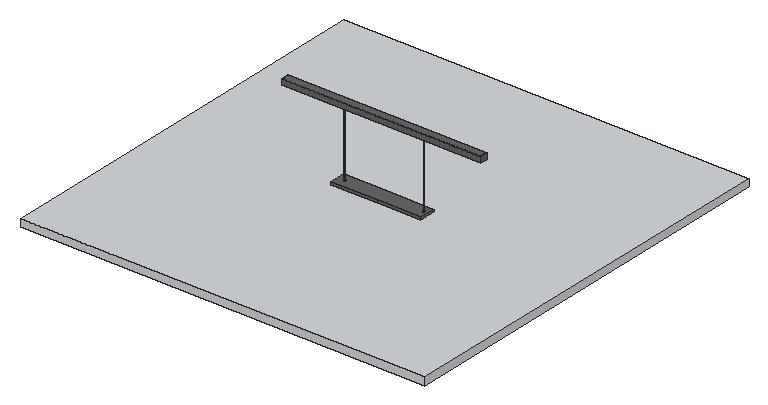
Revit family "P500276-031-30", category Lighting Fixtures, host Face, Revit 2014
Parameters (values of type "P500276-031-30")
  White = Paint - Hubbell - Matte White
  Watts = 39 W
  Wattage Comments = "39 W"
  Wattage = 39 W
  Warranty = "5 years Warranty"  # constant formula
  built-in parameter 1150110 = 1 (stored number, unit not read)
  Voltage = 120 V
  URL = "https://www.hubbell.com/progresslighting/en"
  built-in parameter 1114217 = 1 (stored number, unit not read)
  Tilt Angle = 60.00°
  built-in parameter 1150109 = 1 (stored number, unit not read)
  built-in parameter 1150134 = 3
  built-in parameter 1150113 = 1 (stored number, unit not read)
  Product Link = "https://www.hubbell.com/progresslighting/en/Products/Lighting-Controls/Residential-Indoor-Lighting/New-Indoor-Products/Planck-LED-Collection-Black-One-Light-LED-Pendant/p/3980798"
  Product Documentation Link = "https://hubbellcdn.com/specsheet/PROG_P500276-031-30_spec.pdf"
  Power Factor = 1
  Photometric Web File = "generic"
  built-in parameter 1150142 = (empty or 0)
  Model = "P500276-031-30"  # constant formula
  Manufacturer = "Progress Lighting"  # constant formula
  built-in parameter 1150105 = 310.35 (stored number, unit not read)
  Lumens = 3900 lm
  built-in parameter 1150115 = 1 (stored number, unit not read)
  Load Classification = Lighting
  built-in parameter 1150137 = (empty or 0)
  built-in parameter 1150139 = (empty or 0)
  built-in parameter 1150112 = 1 (stored number, unit not read)
  built-in parameter 1150114 = 1 (stored number, unit not read)
  built-in parameter 1150132 = (empty or 0)
  built-in parameter 1150102 = (empty or 0)
  built-in parameter 1150107 = 3200 (stored number, unit not read)
  built-in parameter 1150138 = (empty or 0)
  built-in parameter 1150106 = 3.1035 (stored number, unit not read)
  Gold = Hubbell - Gold
  built-in parameter 1150104 = 9.2903 (stored number, unit not read)
  Dimming Lamp Color Temperature Shift = <None>
  Width = 47 1/4"
  Lamp = "LED"
  Housing Material = Paint - Hubbell - Textured Camera Black
  Glass = Hubbell - Glass
  Fixture distribution = "Direct"  # constant formula
  Specifications = "The frame holds a polycarbonate shade in place to complete the design.\r\nA smooth metal beam with a black finish suspends from the ceiling to add clean visual interest to minimalist residential or commercial settings.\r\nProvide a dramatic architectural lighting design to any space.\r\nIdeal for any hallway, foyer, kitchen, or dining room.\r\nPerfect for transitional, modern, or contemporary settings.\r\nMeasures 47-1/4-inch width by 1-3/8-inch height.\r\nUses one integrated LED that is included (39w max).\r\nCompatible with many Triac/ELV dimmers (see dimming controls)\r\nIncludes installation instructions and mounting hardware.\r\nProgress Lighting products are designed for exceptional quality, reliability, and functionality."  # constant formula
  Height = 1 3/8"
  Description = "Provide a dramatic architectural lighting design to any space with this LED pendant. A smooth metal beam with a black finish suspends from the ceiling to add clean visual interest to minimalist residential or commercial settings. The frame holds a polycarbonate shade in place to complete the design."  # constant formula
  Depth = 1 3/4"
  Default Elevation = 48"
  Copyright = " ©2020 Progress Lighting, a division of Hubbell Lighting, Inc"  # constant formula
  Contact = "https://www.hubbell.com/progresslighting/en/contactUs"
  Connector Description = "Lighting Connector"  # constant formula
  Color Filter = 16777215
  built-in parameter 1114218 = 1 (stored number, unit not read)
  BLUE = Paint- Hubbell - Blue
  built-in parameter 1150133 = 10 (stored number, unit not read)
  Assembly Code = "D5020200"
  Apparent Load = Watts / Power Factor  # 39 VA
Reference planes (in)
  plane 1 "Center (Front/Back)": y = 0
  plane 2: z = 0.5561
  plane 3 "Center (Left/Right)": x = 0
  plane 4: x = -23.625
  plane 5: x = 23.625
  plane 6: y = 0.875
  plane 7: y = -0.875
  plane 8: z = 18.1811
  plane 9: z = 16.8061
Forms (in)
  Extrusion 1, solid
    sketch origin (0, 0, 0) x (1, 0, 0) y (0, 1, 0)
      loop
        line (-48, 48) -> (-48, -48) -> (48, -48) -> (48, 48) -> (-48, 48)
    from 0.5561 to -1.25
  Extrusion 2, solid, material "Paint - Hubbell - Textured Camera Black" <- "Housing Material"
    sketch origin (0, 0, 0) x (1, 0, 0) y (0, 1, 0)
      loop
        line (-23.625, 0.875) -> (-23.625, -0.875) -> (23.625, -0.875) -> (23.625, 0.875) -> (-23.625, 0.875)
    from 16.8061 to 18.1811
  Revolve 3, solid, material "Paint - Hubbell - Matte White" <- "White"
    sketch origin (0.00061, -0.06641, 2.8929) x (-1, 0, 0) y (0, 0, -1)
      loop
        line (9.39754, -13.9132) -> (9.39754, 1.74305) -> (9.24129, 1.74305) -> (9.24129, 1.5868) -> (9.33504, 1.5868) -> (9.33504, -13.69445) -> (9.24129, -13.69445) -> (9.24129, -13.9132) -> (9.39754, -13.9132)
      axis (9.39754, -13.9132) -> (9.39754, 1.74305)
    angle from 0 to 360
  Extrusion 4, solid, material "Paint - Hubbell - Textured Camera Black" <- "Housing Material"
    sketch origin (0, 0, 0) x (1, 0, 0) y (0, 1, 0)
      loop
        line (-11, 1.73389) -> (-11, -2.04707) -> (0, -2.04707) -> (10.37512, -2.04707) -> (10.37512, 1.73389) -> (0, 1.73389) -> (-11, 1.73389)
    from 0.5561 to 1.14985
  Extrusion 5, solid, material "Hubbell - Glass" <- "Glass"
    sketch origin (0, 0, 0) x (1, 0, 0) y (0, 1, 0)
      loop
        line (-23.52344, 0.77344) -> (-23.52344, -0.77344) -> (23.52344, -0.77344) -> (23.52344, 0.77344) -> (-23.52344, 0.77344)
    from 18.0106 to 18.1811
  Revolve 6, solid, material "Paint - Hubbell - Matte White" <- "White"
    sketch origin (-0.00061, -0.06641, 2.8929) x (1, 0, 0) y (0, 0, 1)
      loop
        line (9.39754, 13.9132) -> (9.24129, 13.9132) -> (9.24129, 13.69445) -> (9.33504, 13.69445) -> (9.33504, -1.5868) -> (9.24129, -1.5868) -> (9.24129, -1.74305) -> (9.39754, -1.74305) -> (9.39754, 13.9132)
      axis (9.39754, 13.9132) -> (9.39754, -1.74305)
    angle from 0 to 360
Dimensions and locks (in)
  "Width": plane 4 to plane 5
  "Depth": plane 7 to plane 6
  equal spacing: plane 7, plane 1 "Center (Front/Back)", plane 6
  equal spacing: plane 4, plane 3 "Center (Left/Right)", plane 5
  plane 8 to plane 2 = 17 5/8"  (x2)
  aligned and locked: plane 2 to Extrusion 1
  aligned and locked: Extrusion 4 to Revolve 3
  aligned and locked: plane 8 to Extrusion 5
Automatic sketch dimensions
  Extrusion 1 sketch curve to Extrusion 1 sketch curve = 96"  (x2)
  Extrusion 2 sketch curve to plane 4 = 0"
  Extrusion 2 sketch curve to plane 5 = 0"
  plane 7 to Extrusion 2 sketch curve = 0"
  plane 6 to Extrusion 2 sketch curve = 0"
  Revolve 3 sketch curve to plane 9 = 0"
  Revolve 3 sketch curve to plane 9 = 7/32"
  Revolve 3 sketch curve to plane 3 "Center (Left/Right)" = 9.24068"  (x2)
  plane 2 to Revolve 3 sketch curve = 3/4"
  Revolve 3 sketch curve to Revolve 3 sketch curve = 3/32"
  Revolve 3 sketch curve to Revolve 3 sketch curve = 5/32"  (x2)
  Revolve 3 sketch curve to Revolve 3 sketch curve = 0"
  Revolve 3 sketch curve to Revolve 3 sketch curve = 4.61707"
  Revolve 3 sketch curve to level = 6.02972"
  Extrusion 4 sketch curve to plane 3 "Center (Left/Right)" = 0"  (x2)
  Extrusion 4 sketch curve to plane 6 = 0.85889"
  Extrusion 4 sketch curve to plane 3 "Center (Left/Right)" = 11"
  Extrusion 4 sketch curve to Extrusion 4 sketch curve = 10.37512"
  plane 7 to Extrusion 4 sketch curve = 1.17207"
  plane 4 to Extrusion 5 sketch curve = 13/128"
  Extrusion 5 sketch curve to plane 5 = 13/128"
  Extrusion 5 sketch curve to plane 7 = 13/128"
  plane 6 to Extrusion 5 sketch curve = 13/128"
  Revolve 6 sketch curve to plane 9 = 0"
  Revolve 6 sketch curve to plane 9 = 7/32"
  plane 3 "Center (Left/Right)" to Revolve 6 sketch curve = 9.24068"  (x2)
  plane 2 to Revolve 6 sketch curve = 3/4"
  Revolve 6 sketch curve to Revolve 6 sketch curve = 3/32"
  Revolve 6 sketch curve to Revolve 6 sketch curve = 5/32"  (x2)
  Revolve 6 sketch curve to Revolve 6 sketch curve = 0"
  Revolve 6 sketch curve to level = 6.02972"
  Revolve 6 sketch curve to Revolve 6 sketch curve = 4.61707"
Connectors (in)
  electrical at (-0.20829, -0.15659, 0.5561), driven by "Voltage", driven by "Apparent Load", driven by "Power Factor", driven by "Connector Description"
    settings: on Extrusion 4, index 1, voltage 120 V, apparent load 39 VA, apparent load phase1 0 VA, apparent load phase2 0 VA, apparent load phase3 0 VA, power factor 1, load classification "Other", number of poles 1, system type 30, power factor state 1, is connector primary yes, connector utility no, sub classification motor no, connector description "Lighting Connector"
